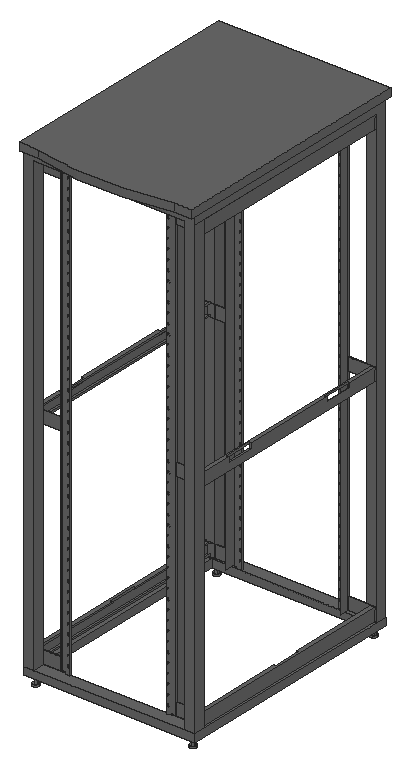
Revit family "V82A-48U-Without Doors-04.04.14", category Electrical Equipment, Revit 2013
Parameters (values of type "V82A-48U")
  Weight = 0.00 lbf
  Visibility Door Right [instance] = and(Side Panel Right, not(Hide Doors))  # no
  Visibility Door Left [instance] = and(Side Panel Left, not(Hide Doors))  # no
  Visibility Door Front [instance] = and(Door Front, not(Hide Doors))  # no
  Visibility Door Back [instance] = and(Door Back, not(Hide Doors))  # no
  Version = ""
  Usable Depth = 1006.00 mm
  U/M = "EA"
  U Space = "48"
  System = "VPOD"
  Side Panel Right = no
  Side Panel Left = no
  Serial Number = ""
  Segment = "CSS"
  Ports = 0
  Mounting rail 45 U = SIEMON STEEL
  Mounting Rail Material = SIEMON STEEL
  Model = "V82A"
  Metal = SIEMON STEEL
  Manufacturer = "SIEMON"
  Lock = ""
  Loaded/Empty = "N/A"
  Item Group = "RACKS"
  Item Class = "1F"
  Hide Doors [instance] = no
  Door Front = no
  Door Construction Side = if(and(Side Panel Right, Side Panel Left), 2, if(and(not(Side Panel Right), not(Side Panel Left)), 0, 1))  # 0
  Door Construction Front = ""
  Door Construction Back = ""
  Door Back = no
  Description = "WARNING: PLEASE RELOAD FAMILY USING THE TYPE CATALOG"
  Color = "BLACK"
  Cabinet Width Overall = 800.00 mm
  Cabinet Height = 2280.00 mm
  Cabinet Depth = 1200.00 mm
Reference planes
  plane 1 "Center (Front/Back)": y = 0
  plane 2: z = 0
  plane 3 "Center (Left/Right)": x = 0
  plane 4: z = 2011.4
  plane 5: z = 1966.95
  plane 6: z = 1922.5
  plane 7: z = 1878.05
  plane 8: z = 1833.6
  plane 9: z = 1789.15
  plane 10: z = 1744.7
  plane 11: z = 1700.25
  plane 12: z = 1655.8
  plane 13: z = 1611.35
  plane 14: z = 1566.9
  plane 15: z = 1522.45
  plane 16: z = 1478
  plane 17: z = 1433.55
  plane 18: z = 1389.1
  plane 19: z = 1344.65
  plane 20: z = 1300.2
  plane 21: z = 1255.75
  plane 22: z = 1211.3
  plane 23: z = 1166.85
  plane 24: z = 1122.4
  plane 25: z = 1077.95
  plane 26: z = 1033.5
  plane 27: z = 989.05
  plane 28: z = 944.6
  plane 29: z = 900.15
  plane 30: z = 855.7
  plane 31: z = 811.25
  plane 32: z = 766.8
  plane 33: z = 722.35
  plane 34: z = 677.9
  plane 35: z = 633.45
  plane 36: z = 589
  plane 37: z = 544.55
  plane 38: z = 500.1
  plane 39: z = 455.65
  plane 40: z = 411.2
  plane 41: z = 366.75
  plane 42: z = 322.3
  plane 43: z = 277.85
  plane 44: z = 233.4
  plane 45: z = 188.95
  plane 46: z = 144.5
  plane 47: z = 100.05
  plane 48: z = 2055.85
Forms (mm)
  Extrusion 1, solid, material "SIEMON STEEL" <- "Mounting rail 45 U"
    sketch origin (-0.234, -15, 140) x (1, 0, 0) y (0, 1, 0)
      loop
        line (501.3, 1185.014) -> (-298.7, 1185.014) -> (-298.7, 75) -> (501.3, 75) -> (501.3, 1185.014)
    from 2067.5 to 2098.45
  Extrusion 2, solid, material "SIEMON STEEL" <- "Mounting rail 45 U"
    sketch origin (-0.106, -90, 97.5) x (1, 0, 0) y (0, 1, 0)
      loop
        line (454.922, 202.733) -> (454.922, 150) -> (500.922, 150) -> (500.922, 202.733) -> (454.922, 202.733)
      loop
        line (-298.75, 202.733) -> (-298.75, 150) -> (-252.75, 150) -> (-252.75, 202.733) -> (-298.75, 202.733)
      loop
        line (501.172, 1207.872) -> (501.172, 1260) -> (455.163, 1260) -> (455.163, 1207.872) -> (501.172, 1207.872)
      loop
        line (-298.75, 1207.872) -> (-252.75, 1207.872) -> (-252.75, 1260) -> (-298.75, 1260) -> (-298.75, 1207.872)
    from -22.2 to 2110
  Extrusion 3, solid, material "SIEMON STEEL" <- "Mounting Rail Material"
    sketch origin (0.02, 0, 10) x (1, 0, 0) y (0, 1, 0)
      loop
        line (-298.72, 1170.014) -> (-298.72, 60) -> (501.366, 60) -> (501.366, 1170.014) -> (-298.72, 1170.014)
      loop
        line (-265, 1113.302) -> (-265, 116.7) -> (465, 116.7) -> (465, 1113.302) -> (-265, 1113.302)
    from 29.931 to 65.3
  Extrusion 4, solid, material "Cold rolled steel (CRS)"
    sketch origin (179.665, 750.451, 0) x (1, 0, 0) y (0, 1, 0)
      loop
        circle (289.695, 392.503) r 15
    from 0 to 5.027
  Extrusion 5, solid
    sketch origin (319.561, 202.5, 0) x (1, 0, 0) y (0, 1, 0)
      loop
        circle (149.594, 940.281) r 6
    from 5.027 to 39.931
  Extrusion 6, solid, material "Cold rolled steel (CRS)"
    sketch origin (25.296, 750.451, 0) x (-1, 0, 0) y (0, -1, 0)
      loop
        circle (289.695, -392.503) r 15
    from 0 to 5.027
  Extrusion 7, solid
    sketch origin (-115, 202.5, 0) x (-1, 0, 0) y (0, -1, 0)
      loop
        circle (149.594, -940.281) r 6
    from 5.027 to 39.931
  Extrusion 8, solid, material "Cold rolled steel (CRS)"
    sketch origin (25.296, 480.196, 0) x (-1, 0, 0) y (0, -1, 0)
      loop
        circle (289.695, 392.503) r 15
    from 0 to 5.027
  Extrusion 9, solid
    sketch origin (-115, 1028.147, 0) x (-1, 0, 0) y (0, -1, 0)
      loop
        circle (149.594, 940.281) r 6
    from 5.027 to 39.931
  Extrusion 10, solid, material "Cold rolled steel (CRS)"
    sketch origin (759.054, 480.196, 0) x (-1, 0, 0) y (0, -1, 0)
      loop
        circle (289.695, 392.503) r 15
    from 0 to 5.027
  Extrusion 11, solid
    sketch origin (618.75, 1028.147, 0) x (-1, 0, 0) y (0, -1, 0)
      loop
        circle (149.594, 940.281) r 6
    from 5.027 to 39.931
  Extrusion 12, solid, material "SIEMON STEEL"
    sketch origin (0, -0.108, 140.014) x (1, 0, 0) y (0, 1, 0)
      loop
        line (-298.7, 37.656) -> (-214.7, 37.656)
        arc (-214.7, 37.656) -> (101.3, 0.156) -> (417.3, 37.656) r 1350.163
        line (417.3, 37.656) -> (501.3, 37.656) -> (501.3, 1200.156) -> (-298.7, 1200.156) -> (-298.7, 37.656)
    from 2102.5 to 2140
Cuts and joins
  joined: Extrusion 1, Extrusion 2
Lines and regions (mm)
  symbolic lines, detail levels fine
    curve 1: line (256.65, 1060, 61.35) -> (256.65, 1060, 65.3)
  model lines, detail levels coarse+fine
    curve 2: line (330.642, 819.199, 2282.241) -> (-126.77, 819.199, 2282.241)
    curve 3: line (334.645, 815.196, 2282.241) -> (330.642, 819.199, 2282.241)
    curve 4: circle (-51.247, 805.781, 2282.241) r 6.221 normal (0, 0, 1)
    curve 5: circle (259.431, 805.781, 2282.241) r 6.221 normal (0, 0, 1)
    curve 6: line (330.642, 653.922, 2282.241) -> (-126.77, 653.922, 2282.241)
    curve 7: line (-126.77, 653.922, 2282.241) -> (-130.773, 657.924, 2282.241)
    curve 8: line (-130.773, 657.924, 2282.241) -> (-130.773, 815.196, 2282.241)
    curve 9: line (334.645, 815.196, 2282.241) -> (334.645, 657.924, 2282.241)
    curve 10: line (334.645, 657.924, 2282.241) -> (330.642, 653.922, 2282.241)
    curve 11: circle (-51.247, 667.34, 2282.241) r 6.221 normal (0, 0, -1)
    curve 12: circle (259.431, 667.34, 2282.241) r 6.221 normal (0, 0, -1)
    curve 13: line (-130.773, 815.196, 2282.241) -> (-126.77, 819.199, 2282.241)
    curve 14: line (-187.208, 673.705, 2282.241) -> (-187.208, 1053.705, 2282.241)
    curve 15: line (-255.639, 1053.705, 2282.241) -> (-255.639, 673.705, 2282.241)
    curve 16: line (-252.639, 1053.705, 2282.241) -> (-252.639, 673.705, 2282.241)
    curve 17: line (-190.208, 673.705, 2282.241) -> (-190.208, 1053.705, 2282.241)
    curve 18: line (330.642, 628.887, 2282.241) -> (-126.77, 628.887, 2282.241)
    curve 19: line (334.645, 624.884, 2282.241) -> (330.642, 628.887, 2282.241)
    curve 20: circle (-51.247, 615.469, 2282.241) r 6.221 normal (0, 0, 1)
    curve 21: circle (259.431, 615.469, 2282.241) r 6.221 normal (0, 0, 1)
    curve 22: line (330.642, 463.609, 2282.241) -> (-126.77, 463.609, 2282.241)
    curve 23: line (-126.77, 463.609, 2282.241) -> (-130.773, 467.612, 2282.241)
    curve 24: line (-130.773, 467.612, 2282.241) -> (-130.773, 624.884, 2282.241)
    curve 25: line (334.645, 624.884, 2282.241) -> (334.645, 467.612, 2282.241)
    curve 26: line (334.645, 467.612, 2282.241) -> (330.642, 463.609, 2282.241)
    curve 27: circle (-51.247, 477.027, 2282.241) r 6.221 normal (0, 0, -1)
    curve 28: circle (259.431, 477.027, 2282.241) r 6.221 normal (0, 0, -1)
    curve 29: line (-130.773, 624.884, 2282.241) -> (-126.77, 628.887, 2282.241)
    curve 30: line (330.642, 281.699, 2282.241) -> (-126.77, 281.699, 2282.241)
    curve 31: line (334.645, 277.696, 2282.241) -> (330.642, 281.699, 2282.241)
    curve 32: circle (-51.247, 268.281, 2282.241) r 6.221 normal (0, 0, 1)
    curve 33: circle (259.431, 268.281, 2282.241) r 6.221 normal (0, 0, 1)
    curve 34: line (330.642, 116.422, 2282.241) -> (-126.77, 116.422, 2282.241)
    curve 35: line (-126.77, 116.422, 2282.241) -> (-130.773, 120.424, 2282.241)
    curve 36: line (-130.773, 120.424, 2282.241) -> (-130.773, 277.696, 2282.241)
    curve 37: line (334.645, 277.696, 2282.241) -> (334.645, 120.424, 2282.241)
    curve 38: line (334.645, 120.424, 2282.241) -> (330.642, 116.422, 2282.241)
    curve 39: circle (-51.247, 129.84, 2282.241) r 6.221 normal (0, 0, -1)
    curve 40: circle (259.431, 129.84, 2282.241) r 6.221 normal (0, 0, -1)
    curve 41: line (-130.773, 277.696, 2282.241) -> (-126.77, 281.699, 2282.241)
    curve 46: circle (-221.83, 1093.281, 2282.241) r 6.221 normal (0, 0, -1)
    curve 347: line (330.642, 1076.851, 2282.241) -> (-126.77, 1076.851, 2282.241)
    curve 348: line (334.645, 1072.849, 2282.241) -> (330.642, 1076.851, 2282.241)
    curve 349: circle (-51.247, 1063.433, 2282.241) r 6.221 normal (0, 0, 1)
    curve 350: circle (259.431, 1063.433, 2282.241) r 6.221 normal (0, 0, 1)
    curve 351: line (330.642, 911.574, 2282.241) -> (-126.77, 911.574, 2282.241)
    curve 352: line (-126.77, 911.574, 2282.241) -> (-130.773, 915.577, 2282.241)
    curve 353: line (-130.773, 915.577, 2282.241) -> (-130.773, 1072.849, 2282.241)
    curve 354: line (334.645, 1072.849, 2282.241) -> (334.645, 915.577, 2282.241)
    curve 355: line (334.645, 915.577, 2282.241) -> (330.642, 911.574, 2282.241)
    curve 356: circle (-51.247, 924.992, 2282.241) r 6.221 normal (0, 0, -1)
    curve 357: circle (259.431, 924.992, 2282.241) r 6.221 normal (0, 0, -1)
    curve 358: line (-130.773, 1072.849, 2282.241) -> (-126.77, 1076.851, 2282.241)
    curve 367: circle (-221.83, 174.316, 2282.241) r 6.221 normal (0, 0, 1)
    curve 440: line (389.808, 673.705, 2282.241) -> (389.808, 1053.705, 2282.241)
    curve 441: line (458.24, 1053.705, 2282.241) -> (458.24, 673.705, 2282.241)
    curve 442: line (455.24, 1053.705, 2282.241) -> (455.24, 673.705, 2282.241)
    curve 443: line (392.808, 673.705, 2282.241) -> (392.808, 1053.705, 2282.241)
    curve 448: circle (424.431, 1093.281, 2282.241) r 6.221 normal (0, 0, 1)
    curve 749: circle (424.431, 174.316, 2282.241) r 6.221 normal (0, 0, -1)
    curve 822: line (-187.208, 215.376, 2282.241) -> (-187.208, 595.376, 2282.241)
    curve 823: line (-255.639, 595.376, 2282.241) -> (-255.639, 215.376, 2282.241)
    curve 824: line (-252.639, 595.376, 2282.241) -> (-252.639, 215.376, 2282.241)
    curve 825: line (-190.208, 215.376, 2282.241) -> (-190.208, 595.376, 2282.241)
    curve 830: circle (-221.83, 634.952, 2282.241) r 6.221 normal (0, 0, -1)
    curve 831: line (389.808, 215.376, 2282.241) -> (389.808, 595.376, 2282.241)
    curve 832: line (458.24, 595.376, 2282.241) -> (458.24, 215.376, 2282.241)
    curve 833: line (455.24, 595.376, 2282.241) -> (455.24, 215.376, 2282.241)
    curve 834: line (392.808, 215.376, 2282.241) -> (392.808, 595.376, 2282.241)
    curve 839: circle (424.431, 634.952, 2282.241) r 6.221 normal (0, 0, 1)
  model lines
    curve 42: arc (-255.639, 1053.705, 2282.241) -> (-221.424, 1080.132, 2282.241) -> (-187.208, 1053.705, 2282.241) r 35.364
    curve 43: arc (-252.639, 1053.705, 2282.241) -> (-221.424, 1077.116, 2282.241) -> (-190.208, 1053.705, 2282.241) r 32.517
    curve 44: arc (-255.639, 673.705, 2282.241) -> (-221.424, 647.278, 2282.241) -> (-187.208, 673.705, 2282.241) r 35.364
    curve 45: arc (-252.639, 673.705, 2282.241) -> (-221.424, 650.294, 2282.241) -> (-190.208, 673.705, 2282.241) r 32.517
    curve 47: line (-268.889, 936.074, 2282.241) -> (-268.889, 939.074, 2282.241)
    curve 48: line (-268.889, 939.074, 2282.241) -> (-272.889, 939.074, 2282.241)
    curve 49: line (-272.889, 939.074, 2282.241) -> (-272.889, 941.074, 2282.241)
    curve 50: line (-272.889, 941.074, 2282.241) -> (-278.889, 941.074, 2282.241)
    curve 51: line (-282.889, 936.074, 2282.241) -> (-282.889, 939.074, 2282.241)
    curve 52: line (-282.889, 939.074, 2282.241) -> (-278.889, 939.074, 2282.241)
    curve 53: line (-278.889, 939.074, 2282.241) -> (-278.889, 941.074, 2282.241)
    curve 54: line (-268.889, 936.074, 2282.241) -> (-272.889, 936.074, 2282.241)
    curve 55: line (-272.889, 936.074, 2282.241) -> (-272.889, 934.074, 2282.241)
    curve 56: line (-272.889, 934.074, 2282.241) -> (-278.889, 934.074, 2282.241)
    curve 57: line (-282.889, 936.074, 2282.241) -> (-278.889, 936.074, 2282.241)
    curve 58: line (-278.889, 936.074, 2282.241) -> (-278.889, 934.074, 2282.241)
    curve 59: line (-268.889, 905.074, 2282.241) -> (-268.889, 902.074, 2282.241)
    curve 60: line (-268.889, 902.074, 2282.241) -> (-272.889, 902.074, 2282.241)
    curve 61: line (-272.889, 902.074, 2282.241) -> (-272.889, 900.074, 2282.241)
    curve 62: line (-272.889, 900.074, 2282.241) -> (-278.889, 900.074, 2282.241)
    curve 63: line (-282.889, 905.074, 2282.241) -> (-282.889, 902.074, 2282.241)
    curve 64: line (-282.889, 902.074, 2282.241) -> (-278.889, 902.074, 2282.241)
    curve 65: line (-278.889, 902.074, 2282.241) -> (-278.889, 900.074, 2282.241)
    curve 66: line (-268.889, 905.074, 2282.241) -> (-272.889, 905.074, 2282.241)
    curve 67: line (-272.889, 905.074, 2282.241) -> (-272.889, 907.074, 2282.241)
    curve 68: line (-272.889, 907.074, 2282.241) -> (-278.889, 907.074, 2282.241)
    curve 69: line (-282.889, 905.074, 2282.241) -> (-278.889, 905.074, 2282.241)
    curve 70: line (-278.889, 905.074, 2282.241) -> (-278.889, 907.074, 2282.241)
    curve 71: line (-268.889, 868.074, 2282.241) -> (-268.889, 871.074, 2282.241)
    curve 72: line (-268.889, 871.074, 2282.241) -> (-272.889, 871.074, 2282.241)
    curve 73: line (-272.889, 871.074, 2282.241) -> (-272.889, 873.074, 2282.241)
    curve 74: line (-272.889, 873.074, 2282.241) -> (-278.889, 873.074, 2282.241)
    curve 75: line (-282.889, 868.074, 2282.241) -> (-282.889, 871.074, 2282.241)
    curve 76: line (-282.889, 871.074, 2282.241) -> (-278.889, 871.074, 2282.241)
    curve 77: line (-278.889, 871.074, 2282.241) -> (-278.889, 873.074, 2282.241)
    curve 78: line (-268.889, 868.074, 2282.241) -> (-272.889, 868.074, 2282.241)
    curve 79: line (-272.889, 868.074, 2282.241) -> (-272.889, 866.074, 2282.241)
    curve 80: line (-272.889, 866.074, 2282.241) -> (-278.889, 866.074, 2282.241)
    curve 81: line (-282.889, 868.074, 2282.241) -> (-278.889, 868.074, 2282.241)
    curve 82: line (-278.889, 868.074, 2282.241) -> (-278.889, 866.074, 2282.241)
    curve 83: line (-268.889, 800.074, 2282.241) -> (-268.889, 803.074, 2282.241)
    curve 84: line (-268.889, 803.074, 2282.241) -> (-272.889, 803.074, 2282.241)
    curve 85: line (-272.889, 803.074, 2282.241) -> (-272.889, 805.074, 2282.241)
    curve 86: line (-272.889, 805.074, 2282.241) -> (-278.889, 805.074, 2282.241)
    curve 87: line (-282.889, 800.074, 2282.241) -> (-282.889, 803.074, 2282.241)
    curve 88: line (-282.889, 803.074, 2282.241) -> (-278.889, 803.074, 2282.241)
    curve 89: line (-278.889, 803.074, 2282.241) -> (-278.889, 805.074, 2282.241)
    curve 90: line (-268.889, 800.074, 2282.241) -> (-272.889, 800.074, 2282.241)
    curve 91: line (-272.889, 800.074, 2282.241) -> (-272.889, 798.074, 2282.241)
    curve 92: line (-272.889, 798.074, 2282.241) -> (-278.889, 798.074, 2282.241)
    curve 93: line (-282.889, 800.074, 2282.241) -> (-278.889, 800.074, 2282.241)
    curve 94: line (-278.889, 800.074, 2282.241) -> (-278.889, 798.074, 2282.241)
    curve 95: line (-268.889, 837.074, 2282.241) -> (-268.889, 834.074, 2282.241)
    curve 96: line (-268.889, 834.074, 2282.241) -> (-272.889, 834.074, 2282.241)
    curve 97: line (-272.889, 834.074, 2282.241) -> (-272.889, 832.074, 2282.241)
    curve 98: line (-272.889, 832.074, 2282.241) -> (-278.889, 832.074, 2282.241)
    curve 99: line (-282.889, 837.074, 2282.241) -> (-282.889, 834.074, 2282.241)
    curve 100: line (-282.889, 834.074, 2282.241) -> (-278.889, 834.074, 2282.241)
    curve 101: line (-278.889, 834.074, 2282.241) -> (-278.889, 832.074, 2282.241)
    curve 102: line (-268.889, 837.074, 2282.241) -> (-272.889, 837.074, 2282.241)
    curve 103: line (-272.889, 837.074, 2282.241) -> (-272.889, 839.074, 2282.241)
    curve 104: line (-272.889, 839.074, 2282.241) -> (-278.889, 839.074, 2282.241)
    curve 105: line (-282.889, 837.074, 2282.241) -> (-278.889, 837.074, 2282.241)
    curve 106: line (-278.889, 837.074, 2282.241) -> (-278.889, 839.074, 2282.241)
    curve 107: line (-268.889, 701.074, 2282.241) -> (-268.889, 698.074, 2282.241)
    curve 108: line (-268.889, 698.074, 2282.241) -> (-272.889, 698.074, 2282.241)
    curve 109: line (-272.889, 698.074, 2282.241) -> (-272.889, 696.074, 2282.241)
    curve 110: line (-272.889, 696.074, 2282.241) -> (-278.889, 696.074, 2282.241)
    curve 111: line (-282.889, 701.074, 2282.241) -> (-282.889, 698.074, 2282.241)
    curve 112: line (-282.889, 698.074, 2282.241) -> (-278.889, 698.074, 2282.241)
    curve 113: line (-278.889, 698.074, 2282.241) -> (-278.889, 696.074, 2282.241)
    curve 114: line (-268.889, 701.074, 2282.241) -> (-272.889, 701.074, 2282.241)
    curve 115: line (-272.889, 701.074, 2282.241) -> (-272.889, 703.074, 2282.241)
    curve 116: line (-272.889, 703.074, 2282.241) -> (-278.889, 703.074, 2282.241)
    curve 117: line (-282.889, 701.074, 2282.241) -> (-278.889, 701.074, 2282.241)
    curve 118: line (-278.889, 701.074, 2282.241) -> (-278.889, 703.074, 2282.241)
    curve 119: line (-268.889, 769.074, 2282.241) -> (-268.889, 766.074, 2282.241)
    curve 120: line (-268.889, 766.074, 2282.241) -> (-272.889, 766.074, 2282.241)
    curve 121: line (-272.889, 766.074, 2282.241) -> (-272.889, 764.074, 2282.241)
    curve 122: line (-272.889, 764.074, 2282.241) -> (-278.889, 764.074, 2282.241)
    curve 123: line (-282.889, 769.074, 2282.241) -> (-282.889, 766.074, 2282.241)
    curve 124: line (-282.889, 766.074, 2282.241) -> (-278.889, 766.074, 2282.241)
    curve 125: line (-278.889, 766.074, 2282.241) -> (-278.889, 764.074, 2282.241)
    curve 126: line (-268.889, 769.074, 2282.241) -> (-272.889, 769.074, 2282.241)
    curve 127: line (-272.889, 769.074, 2282.241) -> (-272.889, 771.074, 2282.241)
    curve 128: line (-272.889, 771.074, 2282.241) -> (-278.889, 771.074, 2282.241)
    curve 129: line (-282.889, 769.074, 2282.241) -> (-278.889, 769.074, 2282.241)
    curve 130: line (-278.889, 769.074, 2282.241) -> (-278.889, 771.074, 2282.241)
    curve 131: line (-268.889, 732.074, 2282.241) -> (-268.889, 735.074, 2282.241)
    curve 132: line (-268.889, 735.074, 2282.241) -> (-272.889, 735.074, 2282.241)
    curve 133: line (-272.889, 735.074, 2282.241) -> (-272.889, 737.074, 2282.241)
    curve 134: line (-272.889, 737.074, 2282.241) -> (-278.889, 737.074, 2282.241)
    curve 135: line (-282.889, 732.074, 2282.241) -> (-282.889, 735.074, 2282.241)
    curve 136: line (-282.889, 735.074, 2282.241) -> (-278.889, 735.074, 2282.241)
    curve 137: line (-278.889, 735.074, 2282.241) -> (-278.889, 737.074, 2282.241)
    curve 138: line (-268.889, 732.074, 2282.241) -> (-272.889, 732.074, 2282.241)
    curve 139: line (-272.889, 732.074, 2282.241) -> (-272.889, 730.074, 2282.241)
    curve 140: line (-272.889, 730.074, 2282.241) -> (-278.889, 730.074, 2282.241)
    curve 141: line (-282.889, 732.074, 2282.241) -> (-278.889, 732.074, 2282.241)
    curve 142: line (-278.889, 732.074, 2282.241) -> (-278.889, 730.074, 2282.241)
    curve 143: line (-268.889, 460.074, 2282.241) -> (-268.889, 463.074, 2282.241)
    curve 144: line (-268.889, 463.074, 2282.241) -> (-272.889, 463.074, 2282.241)
    curve 145: line (-272.889, 463.074, 2282.241) -> (-272.889, 465.074, 2282.241)
    curve 146: line (-272.889, 465.074, 2282.241) -> (-278.889, 465.074, 2282.241)
    curve 147: line (-282.889, 460.074, 2282.241) -> (-282.889, 463.074, 2282.241)
    curve 148: line (-282.889, 463.074, 2282.241) -> (-278.889, 463.074, 2282.241)
    curve 149: line (-278.889, 463.074, 2282.241) -> (-278.889, 465.074, 2282.241)
    curve 150: line (-268.889, 460.074, 2282.241) -> (-272.889, 460.074, 2282.241)
    curve 151: line (-272.889, 460.074, 2282.241) -> (-272.889, 458.074, 2282.241)
    curve 152: line (-272.889, 458.074, 2282.241) -> (-278.889, 458.074, 2282.241)
    curve 153: line (-282.889, 460.074, 2282.241) -> (-278.889, 460.074, 2282.241)
    curve 154: line (-278.889, 460.074, 2282.241) -> (-278.889, 458.074, 2282.241)
    curve 155: line (-268.889, 497.074, 2282.241) -> (-268.889, 494.074, 2282.241)
    curve 156: line (-268.889, 494.074, 2282.241) -> (-272.889, 494.074, 2282.241)
    curve 157: line (-272.889, 494.074, 2282.241) -> (-272.889, 492.074, 2282.241)
    curve 158: line (-272.889, 492.074, 2282.241) -> (-278.889, 492.074, 2282.241)
    curve 159: line (-282.889, 497.074, 2282.241) -> (-282.889, 494.074, 2282.241)
    curve 160: line (-282.889, 494.074, 2282.241) -> (-278.889, 494.074, 2282.241)
    curve 161: line (-278.889, 494.074, 2282.241) -> (-278.889, 492.074, 2282.241)
    curve 162: line (-268.889, 497.074, 2282.241) -> (-272.889, 497.074, 2282.241)
    curve 163: line (-272.889, 497.074, 2282.241) -> (-272.889, 499.074, 2282.241)
    curve 164: line (-272.889, 499.074, 2282.241) -> (-278.889, 499.074, 2282.241)
    curve 165: line (-282.889, 497.074, 2282.241) -> (-278.889, 497.074, 2282.241)
    curve 166: line (-278.889, 497.074, 2282.241) -> (-278.889, 499.074, 2282.241)
    curve 167: line (-268.889, 565.074, 2282.241) -> (-268.889, 562.074, 2282.241)
    curve 168: line (-268.889, 562.074, 2282.241) -> (-272.889, 562.074, 2282.241)
    curve 169: line (-272.889, 562.074, 2282.241) -> (-272.889, 560.074, 2282.241)
    curve 170: line (-272.889, 560.074, 2282.241) -> (-278.889, 560.074, 2282.241)
    curve 171: line (-282.889, 565.074, 2282.241) -> (-282.889, 562.074, 2282.241)
    curve 172: line (-282.889, 562.074, 2282.241) -> (-278.889, 562.074, 2282.241)
    curve 173: line (-278.889, 562.074, 2282.241) -> (-278.889, 560.074, 2282.241)
    curve 174: line (-268.889, 565.074, 2282.241) -> (-272.889, 565.074, 2282.241)
    curve 175: line (-272.889, 565.074, 2282.241) -> (-272.889, 567.074, 2282.241)
    curve 176: line (-272.889, 567.074, 2282.241) -> (-278.889, 567.074, 2282.241)
    curve 177: line (-282.889, 565.074, 2282.241) -> (-278.889, 565.074, 2282.241)
    curve 178: line (-278.889, 565.074, 2282.241) -> (-278.889, 567.074, 2282.241)
    curve 179: line (-268.889, 528.074, 2282.241) -> (-268.889, 531.074, 2282.241)
    curve 180: line (-268.889, 531.074, 2282.241) -> (-272.889, 531.074, 2282.241)
    curve 181: line (-272.889, 531.074, 2282.241) -> (-272.889, 533.074, 2282.241)
    curve 182: line (-272.889, 533.074, 2282.241) -> (-278.889, 533.074, 2282.241)
    curve 183: line (-282.889, 528.074, 2282.241) -> (-282.889, 531.074, 2282.241)
    curve 184: line (-282.889, 531.074, 2282.241) -> (-278.889, 531.074, 2282.241)
    curve 185: line (-278.889, 531.074, 2282.241) -> (-278.889, 533.074, 2282.241)
    curve 186: line (-268.889, 528.074, 2282.241) -> (-272.889, 528.074, 2282.241)
    curve 187: line (-272.889, 528.074, 2282.241) -> (-272.889, 526.074, 2282.241)
    curve 188: line (-272.889, 526.074, 2282.241) -> (-278.889, 526.074, 2282.241)
    curve 189: line (-282.889, 528.074, 2282.241) -> (-278.889, 528.074, 2282.241)
    curve 190: line (-278.889, 528.074, 2282.241) -> (-278.889, 526.074, 2282.241)
    curve 191: line (-268.889, 664.074, 2282.241) -> (-268.889, 667.074, 2282.241)
    curve 192: line (-268.889, 667.074, 2282.241) -> (-272.889, 667.074, 2282.241)
    curve 193: line (-272.889, 667.074, 2282.241) -> (-272.889, 669.074, 2282.241)
    curve 194: line (-272.889, 669.074, 2282.241) -> (-278.889, 669.074, 2282.241)
    curve 195: line (-282.889, 664.074, 2282.241) -> (-282.889, 667.074, 2282.241)
    curve 196: line (-282.889, 667.074, 2282.241) -> (-278.889, 667.074, 2282.241)
    curve 197: line (-278.889, 667.074, 2282.241) -> (-278.889, 669.074, 2282.241)
    curve 198: line (-268.889, 664.074, 2282.241) -> (-272.889, 664.074, 2282.241)
    curve 199: line (-272.889, 664.074, 2282.241) -> (-272.889, 662.074, 2282.241)
    curve 200: line (-272.889, 662.074, 2282.241) -> (-278.889, 662.074, 2282.241)
    curve 201: line (-282.889, 664.074, 2282.241) -> (-278.889, 664.074, 2282.241)
    curve 202: line (-278.889, 664.074, 2282.241) -> (-278.889, 662.074, 2282.241)
    curve 203: line (-268.889, 596.074, 2282.241) -> (-268.889, 599.074, 2282.241)
    curve 204: line (-268.889, 599.074, 2282.241) -> (-272.889, 599.074, 2282.241)
    curve 205: line (-272.889, 599.074, 2282.241) -> (-272.889, 601.074, 2282.241)
    curve 206: line (-272.889, 601.074, 2282.241) -> (-278.889, 601.074, 2282.241)
    curve 207: line (-282.889, 596.074, 2282.241) -> (-282.889, 599.074, 2282.241)
    curve 208: line (-282.889, 599.074, 2282.241) -> (-278.889, 599.074, 2282.241)
    curve 209: line (-278.889, 599.074, 2282.241) -> (-278.889, 601.074, 2282.241)
    curve 210: line (-268.889, 596.074, 2282.241) -> (-272.889, 596.074, 2282.241)
    curve 211: line (-272.889, 596.074, 2282.241) -> (-272.889, 594.074, 2282.241)
    curve 212: line (-272.889, 594.074, 2282.241) -> (-278.889, 594.074, 2282.241)
    curve 213: line (-282.889, 596.074, 2282.241) -> (-278.889, 596.074, 2282.241)
    curve 214: line (-278.889, 596.074, 2282.241) -> (-278.889, 594.074, 2282.241)
    curve 215: line (-268.889, 633.074, 2282.241) -> (-268.889, 630.074, 2282.241)
    curve 216: line (-268.889, 630.074, 2282.241) -> (-272.889, 630.074, 2282.241)
    curve 217: line (-272.889, 630.074, 2282.241) -> (-272.889, 628.074, 2282.241)
    curve 218: line (-272.889, 628.074, 2282.241) -> (-278.889, 628.074, 2282.241)
    curve 219: line (-282.889, 633.074, 2282.241) -> (-282.889, 630.074, 2282.241)
    curve 220: line (-282.889, 630.074, 2282.241) -> (-278.889, 630.074, 2282.241)
    curve 221: line (-278.889, 630.074, 2282.241) -> (-278.889, 628.074, 2282.241)
    curve 222: line (-268.889, 633.074, 2282.241) -> (-272.889, 633.074, 2282.241)
    curve 223: line (-272.889, 633.074, 2282.241) -> (-272.889, 635.074, 2282.241)
    curve 224: line (-272.889, 635.074, 2282.241) -> (-278.889, 635.074, 2282.241)
    curve 225: line (-282.889, 633.074, 2282.241) -> (-278.889, 633.074, 2282.241)
    curve 226: line (-278.889, 633.074, 2282.241) -> (-278.889, 635.074, 2282.241)
    curve 227: line (-268.889, 188.074, 2282.241) -> (-268.889, 191.074, 2282.241)
    curve 228: line (-268.889, 191.074, 2282.241) -> (-272.889, 191.074, 2282.241)
    curve 229: line (-272.889, 191.074, 2282.241) -> (-272.889, 193.074, 2282.241)
    curve 230: line (-272.889, 193.074, 2282.241) -> (-278.889, 193.074, 2282.241)
    curve 231: line (-282.889, 188.074, 2282.241) -> (-282.889, 191.074, 2282.241)
    curve 232: line (-282.889, 191.074, 2282.241) -> (-278.889, 191.074, 2282.241)
    curve 233: line (-278.889, 191.074, 2282.241) -> (-278.889, 193.074, 2282.241)
    curve 234: line (-268.889, 188.074, 2282.241) -> (-272.889, 188.074, 2282.241)
    curve 235: line (-272.889, 188.074, 2282.241) -> (-272.889, 186.074, 2282.241)
    curve 236: line (-272.889, 186.074, 2282.241) -> (-278.889, 186.074, 2282.241)
    curve 237: line (-282.889, 188.074, 2282.241) -> (-278.889, 188.074, 2282.241)
    curve 238: line (-278.889, 188.074, 2282.241) -> (-278.889, 186.074, 2282.241)
    curve 239: line (-268.889, 120.074, 2282.241) -> (-268.889, 123.074, 2282.241)
    curve 240: line (-268.889, 123.074, 2282.241) -> (-272.889, 123.074, 2282.241)
    curve 241: line (-272.889, 123.074, 2282.241) -> (-272.889, 125.074, 2282.241)
    curve 242: line (-272.889, 125.074, 2282.241) -> (-278.889, 125.074, 2282.241)
    curve 243: line (-282.889, 120.074, 2282.241) -> (-282.889, 123.074, 2282.241)
    curve 244: line (-282.889, 123.074, 2282.241) -> (-278.889, 123.074, 2282.241)
    curve 245: line (-278.889, 123.074, 2282.241) -> (-278.889, 125.074, 2282.241)
    curve 246: line (-268.889, 120.074, 2282.241) -> (-272.889, 120.074, 2282.241)
    curve 247: line (-272.889, 120.074, 2282.241) -> (-272.889, 118.074, 2282.241)
    curve 248: line (-272.889, 118.074, 2282.241) -> (-278.889, 118.074, 2282.241)
    curve 249: line (-282.889, 120.074, 2282.241) -> (-278.889, 120.074, 2282.241)
    curve 250: line (-278.889, 120.074, 2282.241) -> (-278.889, 118.074, 2282.241)
    curve 251: line (-268.889, 157.074, 2282.241) -> (-268.889, 154.074, 2282.241)
    curve 252: line (-268.889, 154.074, 2282.241) -> (-272.889, 154.074, 2282.241)
    curve 253: line (-272.889, 154.074, 2282.241) -> (-272.889, 152.074, 2282.241)
    curve 254: line (-272.889, 152.074, 2282.241) -> (-278.889, 152.074, 2282.241)
    curve 255: line (-282.889, 157.074, 2282.241) -> (-282.889, 154.074, 2282.241)
    curve 256: line (-282.889, 154.074, 2282.241) -> (-278.889, 154.074, 2282.241)
    curve 257: line (-278.889, 154.074, 2282.241) -> (-278.889, 152.074, 2282.241)
    curve 258: line (-268.889, 157.074, 2282.241) -> (-272.889, 157.074, 2282.241)
    curve 259: line (-272.889, 157.074, 2282.241) -> (-272.889, 159.074, 2282.241)
    curve 260: line (-272.889, 159.074, 2282.241) -> (-278.889, 159.074, 2282.241)
    curve 261: line (-282.889, 157.074, 2282.241) -> (-278.889, 157.074, 2282.241)
    curve 262: line (-278.889, 157.074, 2282.241) -> (-278.889, 159.074, 2282.241)
    curve 263: line (-268.889, 429.074, 2282.241) -> (-268.889, 426.074, 2282.241)
    curve 264: line (-268.889, 426.074, 2282.241) -> (-272.889, 426.074, 2282.241)
    curve 265: line (-272.889, 426.074, 2282.241) -> (-272.889, 424.074, 2282.241)
    curve 266: line (-272.889, 424.074, 2282.241) -> (-278.889, 424.074, 2282.241)
    curve 267: line (-282.889, 429.074, 2282.241) -> (-282.889, 426.074, 2282.241)
    curve 268: line (-282.889, 426.074, 2282.241) -> (-278.889, 426.074, 2282.241)
    curve 269: line (-278.889, 426.074, 2282.241) -> (-278.889, 424.074, 2282.241)
    curve 270: line (-268.889, 429.074, 2282.241) -> (-272.889, 429.074, 2282.241)
    curve 271: line (-272.889, 429.074, 2282.241) -> (-272.889, 431.074, 2282.241)
    curve 272: line (-272.889, 431.074, 2282.241) -> (-278.889, 431.074, 2282.241)
    curve 273: line (-282.889, 429.074, 2282.241) -> (-278.889, 429.074, 2282.241)
    curve 274: line (-278.889, 429.074, 2282.241) -> (-278.889, 431.074, 2282.241)
    curve 275: line (-268.889, 392.074, 2282.241) -> (-268.889, 395.074, 2282.241)
    curve 276: line (-268.889, 395.074, 2282.241) -> (-272.889, 395.074, 2282.241)
    curve 277: line (-272.889, 395.074, 2282.241) -> (-272.889, 397.074, 2282.241)
    curve 278: line (-272.889, 397.074, 2282.241) -> (-278.889, 397.074, 2282.241)
    curve 279: line (-282.889, 392.074, 2282.241) -> (-282.889, 395.074, 2282.241)
    curve 280: line (-282.889, 395.074, 2282.241) -> (-278.889, 395.074, 2282.241)
    curve 281: line (-278.889, 395.074, 2282.241) -> (-278.889, 397.074, 2282.241)
    curve 282: line (-268.889, 392.074, 2282.241) -> (-272.889, 392.074, 2282.241)
    curve 283: line (-272.889, 392.074, 2282.241) -> (-272.889, 390.074, 2282.241)
    curve 284: line (-272.889, 390.074, 2282.241) -> (-278.889, 390.074, 2282.241)
    curve 285: line (-282.889, 392.074, 2282.241) -> (-278.889, 392.074, 2282.241)
    curve 286: line (-278.889, 392.074, 2282.241) -> (-278.889, 390.074, 2282.241)
    curve 287: line (-268.889, 324.074, 2282.241) -> (-268.889, 327.074, 2282.241)
    curve 288: line (-268.889, 327.074, 2282.241) -> (-272.889, 327.074, 2282.241)
    curve 289: line (-272.889, 327.074, 2282.241) -> (-272.889, 329.074, 2282.241)
    curve 290: line (-272.889, 329.074, 2282.241) -> (-278.889, 329.074, 2282.241)
    curve 291: line (-282.889, 324.074, 2282.241) -> (-282.889, 327.074, 2282.241)
    curve 292: line (-282.889, 327.074, 2282.241) -> (-278.889, 327.074, 2282.241)
    curve 293: line (-278.889, 327.074, 2282.241) -> (-278.889, 329.074, 2282.241)
    curve 294: line (-268.889, 324.074, 2282.241) -> (-272.889, 324.074, 2282.241)
    curve 295: line (-272.889, 324.074, 2282.241) -> (-272.889, 322.074, 2282.241)
    curve 296: line (-272.889, 322.074, 2282.241) -> (-278.889, 322.074, 2282.241)
    curve 297: line (-282.889, 324.074, 2282.241) -> (-278.889, 324.074, 2282.241)
    curve 298: line (-278.889, 324.074, 2282.241) -> (-278.889, 322.074, 2282.241)
    curve 299: line (-268.889, 361.074, 2282.241) -> (-268.889, 358.074, 2282.241)
    curve 300: line (-268.889, 358.074, 2282.241) -> (-272.889, 358.074, 2282.241)
    curve 301: line (-272.889, 358.074, 2282.241) -> (-272.889, 356.074, 2282.241)
    curve 302: line (-272.889, 356.074, 2282.241) -> (-278.889, 356.074, 2282.241)
    curve 303: line (-282.889, 361.074, 2282.241) -> (-282.889, 358.074, 2282.241)
    curve 304: line (-282.889, 358.074, 2282.241) -> (-278.889, 358.074, 2282.241)
    curve 305: line (-278.889, 358.074, 2282.241) -> (-278.889, 356.074, 2282.241)
    curve 306: line (-268.889, 361.074, 2282.241) -> (-272.889, 361.074, 2282.241)
    curve 307: line (-272.889, 361.074, 2282.241) -> (-272.889, 363.074, 2282.241)
    curve 308: line (-272.889, 363.074, 2282.241) -> (-278.889, 363.074, 2282.241)
    curve 309: line (-282.889, 361.074, 2282.241) -> (-278.889, 361.074, 2282.241)
    curve 310: line (-278.889, 361.074, 2282.241) -> (-278.889, 363.074, 2282.241)
    curve 311: line (-268.889, 225.074, 2282.241) -> (-268.889, 222.074, 2282.241)
    curve 312: line (-268.889, 222.074, 2282.241) -> (-272.889, 222.074, 2282.241)
    curve 313: line (-272.889, 222.074, 2282.241) -> (-272.889, 220.074, 2282.241)
    curve 314: line (-272.889, 220.074, 2282.241) -> (-278.889, 220.074, 2282.241)
    curve 315: line (-282.889, 225.074, 2282.241) -> (-282.889, 222.074, 2282.241)
    curve 316: line (-282.889, 222.074, 2282.241) -> (-278.889, 222.074, 2282.241)
    curve 317: line (-278.889, 222.074, 2282.241) -> (-278.889, 220.074, 2282.241)
    curve 318: line (-268.889, 225.074, 2282.241) -> (-272.889, 225.074, 2282.241)
    curve 319: line (-272.889, 225.074, 2282.241) -> (-272.889, 227.074, 2282.241)
    curve 320: line (-272.889, 227.074, 2282.241) -> (-278.889, 227.074, 2282.241)
    curve 321: line (-282.889, 225.074, 2282.241) -> (-278.889, 225.074, 2282.241)
    curve 322: line (-278.889, 225.074, 2282.241) -> (-278.889, 227.074, 2282.241)
    curve 323: line (-268.889, 293.074, 2282.241) -> (-268.889, 290.074, 2282.241)
    curve 324: line (-268.889, 290.074, 2282.241) -> (-272.889, 290.074, 2282.241)
    curve 325: line (-272.889, 290.074, 2282.241) -> (-272.889, 288.074, 2282.241)
    curve 326: line (-272.889, 288.074, 2282.241) -> (-278.889, 288.074, 2282.241)
    curve 327: line (-282.889, 293.074, 2282.241) -> (-282.889, 290.074, 2282.241)
    curve 328: line (-282.889, 290.074, 2282.241) -> (-278.889, 290.074, 2282.241)
    curve 329: line (-278.889, 290.074, 2282.241) -> (-278.889, 288.074, 2282.241)
    curve 330: line (-268.889, 293.074, 2282.241) -> (-272.889, 293.074, 2282.241)
    curve 331: line (-272.889, 293.074, 2282.241) -> (-272.889, 295.074, 2282.241)
    curve 332: line (-272.889, 295.074, 2282.241) -> (-278.889, 295.074, 2282.241)
    curve 333: line (-282.889, 293.074, 2282.241) -> (-278.889, 293.074, 2282.241)
    curve 334: line (-278.889, 293.074, 2282.241) -> (-278.889, 295.074, 2282.241)
    curve 335: line (-268.889, 256.074, 2282.241) -> (-268.889, 259.074, 2282.241)
    curve 336: line (-268.889, 259.074, 2282.241) -> (-272.889, 259.074, 2282.241)
    curve 337: line (-272.889, 259.074, 2282.241) -> (-272.889, 261.074, 2282.241)
    curve 338: line (-272.889, 261.074, 2282.241) -> (-278.889, 261.074, 2282.241)
    curve 339: line (-282.889, 256.074, 2282.241) -> (-282.889, 259.074, 2282.241)
    curve 340: line (-282.889, 259.074, 2282.241) -> (-278.889, 259.074, 2282.241)
    curve 341: line (-278.889, 259.074, 2282.241) -> (-278.889, 261.074, 2282.241)
    curve 342: line (-268.889, 256.074, 2282.241) -> (-272.889, 256.074, 2282.241)
    curve 343: line (-272.889, 256.074, 2282.241) -> (-272.889, 254.074, 2282.241)
    curve 344: line (-272.889, 254.074, 2282.241) -> (-278.889, 254.074, 2282.241)
    curve 345: line (-282.889, 256.074, 2282.241) -> (-278.889, 256.074, 2282.241)
    curve 346: line (-278.889, 256.074, 2282.241) -> (-278.889, 254.074, 2282.241)
    curve 359: line (-119.593, 1111.548, 2282.241) -> (323.466, 1111.548, 2282.241)
    curve 360: line (-178.773, 1052.368, 2282.241) -> (-178.773, 488.091, 2282.241)
    curve 361: line (-119.911, 429.23, 2282.241) -> (323.784, 429.23, 2282.241)
    curve 362: line (379.587, 1055.427, 2282.241) -> (379.587, 485.034, 2282.241)
    curve 363: line (-119.593, 1111.548, 2282.241) -> (-178.773, 1052.368, 2282.241)
    curve 364: line (323.466, 1111.548, 2282.241) -> (379.587, 1055.427, 2282.241)
    curve 365: line (-119.911, 429.23, 2282.241) -> (-178.773, 488.091, 2282.241)
    curve 366: line (323.784, 429.23, 2282.241) -> (379.587, 485.034, 2282.241)
    curve 368: line (-268.889, 973.074, 2282.241) -> (-268.889, 970.074, 2282.241)
    curve 369: line (-268.889, 970.074, 2282.241) -> (-272.889, 970.074, 2282.241)
    curve 370: line (-272.889, 970.074, 2282.241) -> (-272.889, 968.074, 2282.241)
    curve 371: line (-272.889, 968.074, 2282.241) -> (-278.889, 968.074, 2282.241)
    curve 372: line (-282.889, 973.074, 2282.241) -> (-282.889, 970.074, 2282.241)
    curve 373: line (-282.889, 970.074, 2282.241) -> (-278.889, 970.074, 2282.241)
    curve 374: line (-278.889, 970.074, 2282.241) -> (-278.889, 968.074, 2282.241)
    curve 375: line (-268.889, 973.074, 2282.241) -> (-272.889, 973.074, 2282.241)
    curve 376: line (-272.889, 973.074, 2282.241) -> (-272.889, 975.074, 2282.241)
    curve 377: line (-272.889, 975.074, 2282.241) -> (-278.889, 975.074, 2282.241)
    curve 378: line (-282.889, 973.074, 2282.241) -> (-278.889, 973.074, 2282.241)
    curve 379: line (-278.889, 973.074, 2282.241) -> (-278.889, 975.074, 2282.241)
    curve 380: line (-268.889, 1004.074, 2282.241) -> (-268.889, 1007.074, 2282.241)
    curve 381: line (-268.889, 1007.074, 2282.241) -> (-272.889, 1007.074, 2282.241)
    curve 382: line (-272.889, 1007.074, 2282.241) -> (-272.889, 1009.074, 2282.241)
    curve 383: line (-272.889, 1009.074, 2282.241) -> (-278.889, 1009.074, 2282.241)
    curve 384: line (-282.889, 1004.074, 2282.241) -> (-282.889, 1007.074, 2282.241)
    curve 385: line (-282.889, 1007.074, 2282.241) -> (-278.889, 1007.074, 2282.241)
    curve 386: line (-278.889, 1007.074, 2282.241) -> (-278.889, 1009.074, 2282.241)
    curve 387: line (-268.889, 1004.074, 2282.241) -> (-272.889, 1004.074, 2282.241)
    curve 388: line (-272.889, 1004.074, 2282.241) -> (-272.889, 1002.074, 2282.241)
    curve 389: line (-272.889, 1002.074, 2282.241) -> (-278.889, 1002.074, 2282.241)
    curve 390: line (-282.889, 1004.074, 2282.241) -> (-278.889, 1004.074, 2282.241)
    curve 391: line (-278.889, 1004.074, 2282.241) -> (-278.889, 1002.074, 2282.241)
    curve 392: line (-268.889, 1072.074, 2282.241) -> (-268.889, 1075.074, 2282.241)
    curve 393: line (-268.889, 1075.074, 2282.241) -> (-272.889, 1075.074, 2282.241)
    curve 394: line (-272.889, 1075.074, 2282.241) -> (-272.889, 1077.074, 2282.241)
    curve 395: line (-272.889, 1077.074, 2282.241) -> (-278.889, 1077.074, 2282.241)
    curve 396: line (-282.889, 1072.074, 2282.241) -> (-282.889, 1075.074, 2282.241)
    curve 397: line (-282.889, 1075.074, 2282.241) -> (-278.889, 1075.074, 2282.241)
    curve 398: line (-278.889, 1075.074, 2282.241) -> (-278.889, 1077.074, 2282.241)
    curve 399: line (-268.889, 1072.074, 2282.241) -> (-272.889, 1072.074, 2282.241)
    curve 400: line (-272.889, 1072.074, 2282.241) -> (-272.889, 1070.074, 2282.241)
    curve 401: line (-272.889, 1070.074, 2282.241) -> (-278.889, 1070.074, 2282.241)
    curve 402: line (-282.889, 1072.074, 2282.241) -> (-278.889, 1072.074, 2282.241)
    curve 403: line (-278.889, 1072.074, 2282.241) -> (-278.889, 1070.074, 2282.241)
    curve 404: line (-268.889, 1041.074, 2282.241) -> (-268.889, 1038.074, 2282.241)
    curve 405: line (-268.889, 1038.074, 2282.241) -> (-272.889, 1038.074, 2282.241)
    curve 406: line (-272.889, 1038.074, 2282.241) -> (-272.889, 1036.074, 2282.241)
    curve 407: line (-272.889, 1036.074, 2282.241) -> (-278.889, 1036.074, 2282.241)
    curve 408: line (-282.889, 1041.074, 2282.241) -> (-282.889, 1038.074, 2282.241)
    curve 409: line (-282.889, 1038.074, 2282.241) -> (-278.889, 1038.074, 2282.241)
    curve 410: line (-278.889, 1038.074, 2282.241) -> (-278.889, 1036.074, 2282.241)
    curve 411: line (-268.889, 1041.074, 2282.241) -> (-272.889, 1041.074, 2282.241)
    curve 412: line (-272.889, 1041.074, 2282.241) -> (-272.889, 1043.074, 2282.241)
    curve 413: line (-272.889, 1043.074, 2282.241) -> (-278.889, 1043.074, 2282.241)
    curve 414: line (-282.889, 1041.074, 2282.241) -> (-278.889, 1041.074, 2282.241)
    curve 415: line (-278.889, 1041.074, 2282.241) -> (-278.889, 1043.074, 2282.241)
    curve 416: line (-268.889, 1109.074, 2282.241) -> (-268.889, 1106.074, 2282.241)
    curve 417: line (-268.889, 1106.074, 2282.241) -> (-272.889, 1106.074, 2282.241)
    curve 418: line (-272.889, 1106.074, 2282.241) -> (-272.889, 1104.074, 2282.241)
    curve 419: line (-272.889, 1104.074, 2282.241) -> (-278.889, 1104.074, 2282.241)
    curve 420: line (-282.889, 1109.074, 2282.241) -> (-282.889, 1106.074, 2282.241)
    curve 421: line (-282.889, 1106.074, 2282.241) -> (-278.889, 1106.074, 2282.241)
    curve 422: line (-278.889, 1106.074, 2282.241) -> (-278.889, 1104.074, 2282.241)
    curve 423: line (-268.889, 1109.074, 2282.241) -> (-272.889, 1109.074, 2282.241)
    curve 424: line (-272.889, 1109.074, 2282.241) -> (-272.889, 1111.074, 2282.241)
    curve 425: line (-272.889, 1111.074, 2282.241) -> (-278.889, 1111.074, 2282.241)
    curve 426: line (-282.889, 1109.074, 2282.241) -> (-278.889, 1109.074, 2282.241)
    curve 427: line (-278.889, 1109.074, 2282.241) -> (-278.889, 1111.074, 2282.241)
    curve 428: line (-268.889, 1140.074, 2282.241) -> (-268.889, 1143.074, 2282.241)
    curve 429: line (-268.889, 1143.074, 2282.241) -> (-272.889, 1143.074, 2282.241)
    curve 430: line (-272.889, 1143.074, 2282.241) -> (-272.889, 1145.074, 2282.241)
    curve 431: line (-272.889, 1145.074, 2282.241) -> (-278.889, 1145.074, 2282.241)
    curve 432: line (-282.889, 1140.074, 2282.241) -> (-282.889, 1143.074, 2282.241)
    curve 433: line (-282.889, 1143.074, 2282.241) -> (-278.889, 1143.074, 2282.241)
    curve 434: line (-278.889, 1143.074, 2282.241) -> (-278.889, 1145.074, 2282.241)
    curve 435: line (-268.889, 1140.074, 2282.241) -> (-272.889, 1140.074, 2282.241)
    curve 436: line (-272.889, 1140.074, 2282.241) -> (-272.889, 1138.074, 2282.241)
    curve 437: line (-272.889, 1138.074, 2282.241) -> (-278.889, 1138.074, 2282.241)
    curve 438: line (-282.889, 1140.074, 2282.241) -> (-278.889, 1140.074, 2282.241)
    curve 439: line (-278.889, 1140.074, 2282.241) -> (-278.889, 1138.074, 2282.241)
    curve 444: arc (458.24, 1053.705, 2282.241) -> (424.024, 1080.132, 2282.241) -> (389.808, 1053.705, 2282.241) r 35.364
    curve 445: arc (455.24, 1053.705, 2282.241) -> (424.024, 1077.116, 2282.241) -> (392.808, 1053.705, 2282.241) r 32.517
    curve 446: arc (458.24, 673.705, 2282.241) -> (424.024, 647.278, 2282.241) -> (389.808, 673.705, 2282.241) r 35.364
    curve 447: arc (455.24, 673.705, 2282.241) -> (424.024, 650.294, 2282.241) -> (392.808, 673.705, 2282.241) r 32.517
    curve 449: line (471.49, 936.074, 2282.241) -> (471.49, 939.074, 2282.241)
    curve 450: line (471.49, 939.074, 2282.241) -> (475.49, 939.074, 2282.241)
    curve 451: line (475.49, 939.074, 2282.241) -> (475.49, 941.074, 2282.241)
    curve 452: line (475.49, 941.074, 2282.241) -> (481.49, 941.074, 2282.241)
    curve 453: line (485.49, 936.074, 2282.241) -> (485.49, 939.074, 2282.241)
    curve 454: line (485.49, 939.074, 2282.241) -> (481.49, 939.074, 2282.241)
    curve 455: line (481.49, 939.074, 2282.241) -> (481.49, 941.074, 2282.241)
    curve 456: line (471.49, 936.074, 2282.241) -> (475.49, 936.074, 2282.241)
    curve 457: line (475.49, 936.074, 2282.241) -> (475.49, 934.074, 2282.241)
    curve 458: line (475.49, 934.074, 2282.241) -> (481.49, 934.074, 2282.241)
    curve 459: line (485.49, 936.074, 2282.241) -> (481.49, 936.074, 2282.241)
    curve 460: line (481.49, 936.074, 2282.241) -> (481.49, 934.074, 2282.241)
    curve 461: line (471.49, 905.074, 2282.241) -> (471.49, 902.074, 2282.241)
    curve 462: line (471.49, 902.074, 2282.241) -> (475.49, 902.074, 2282.241)
    curve 463: line (475.49, 902.074, 2282.241) -> (475.49, 900.074, 2282.241)
    curve 464: line (475.49, 900.074, 2282.241) -> (481.49, 900.074, 2282.241)
    curve 465: line (485.49, 905.074, 2282.241) -> (485.49, 902.074, 2282.241)
    curve 466: line (485.49, 902.074, 2282.241) -> (481.49, 902.074, 2282.241)
    curve 467: line (481.49, 902.074, 2282.241) -> (481.49, 900.074, 2282.241)
    curve 468: line (471.49, 905.074, 2282.241) -> (475.49, 905.074, 2282.241)
    curve 469: line (475.49, 905.074, 2282.241) -> (475.49, 907.074, 2282.241)
    curve 470: line (475.49, 907.074, 2282.241) -> (481.49, 907.074, 2282.241)
    curve 471: line (485.49, 905.074, 2282.241) -> (481.49, 905.074, 2282.241)
    curve 472: line (481.49, 905.074, 2282.241) -> (481.49, 907.074, 2282.241)
    curve 473: line (471.49, 868.074, 2282.241) -> (471.49, 871.074, 2282.241)
    curve 474: line (471.49, 871.074, 2282.241) -> (475.49, 871.074, 2282.241)
    curve 475: line (475.49, 871.074, 2282.241) -> (475.49, 873.074, 2282.241)
    curve 476: line (475.49, 873.074, 2282.241) -> (481.49, 873.074, 2282.241)
    curve 477: line (485.49, 868.074, 2282.241) -> (485.49, 871.074, 2282.241)
    curve 478: line (485.49, 871.074, 2282.241) -> (481.49, 871.074, 2282.241)
    curve 479: line (481.49, 871.074, 2282.241) -> (481.49, 873.074, 2282.241)
    curve 480: line (471.49, 868.074, 2282.241) -> (475.49, 868.074, 2282.241)
    curve 481: line (475.49, 868.074, 2282.241) -> (475.49, 866.074, 2282.241)
    curve 482: line (475.49, 866.074, 2282.241) -> (481.49, 866.074, 2282.241)
    curve 483: line (485.49, 868.074, 2282.241) -> (481.49, 868.074, 2282.241)
    curve 484: line (481.49, 868.074, 2282.241) -> (481.49, 866.074, 2282.241)
    curve 485: line (471.49, 800.074, 2282.241) -> (471.49, 803.074, 2282.241)
    curve 486: line (471.49, 803.074, 2282.241) -> (475.49, 803.074, 2282.241)
    curve 487: line (475.49, 803.074, 2282.241) -> (475.49, 805.074, 2282.241)
    curve 488: line (475.49, 805.074, 2282.241) -> (481.49, 805.074, 2282.241)
    curve 489: line (485.49, 800.074, 2282.241) -> (485.49, 803.074, 2282.241)
    curve 490: line (485.49, 803.074, 2282.241) -> (481.49, 803.074, 2282.241)
    curve 491: line (481.49, 803.074, 2282.241) -> (481.49, 805.074, 2282.241)
    curve 492: line (471.49, 800.074, 2282.241) -> (475.49, 800.074, 2282.241)
    curve 493: line (475.49, 800.074, 2282.241) -> (475.49, 798.074, 2282.241)
    curve 494: line (475.49, 798.074, 2282.241) -> (481.49, 798.074, 2282.241)
    curve 495: line (485.49, 800.074, 2282.241) -> (481.49, 800.074, 2282.241)
    curve 496: line (481.49, 800.074, 2282.241) -> (481.49, 798.074, 2282.241)
    curve 497: line (471.49, 837.074, 2282.241) -> (471.49, 834.074, 2282.241)
    curve 498: line (471.49, 834.074, 2282.241) -> (475.49, 834.074, 2282.241)
    curve 499: line (475.49, 834.074, 2282.241) -> (475.49, 832.074, 2282.241)
    curve 500: line (475.49, 832.074, 2282.241) -> (481.49, 832.074, 2282.241)
    curve 501: line (485.49, 837.074, 2282.241) -> (485.49, 834.074, 2282.241)
    curve 502: line (485.49, 834.074, 2282.241) -> (481.49, 834.074, 2282.241)
    curve 503: line (481.49, 834.074, 2282.241) -> (481.49, 832.074, 2282.241)
    curve 504: line (471.49, 837.074, 2282.241) -> (475.49, 837.074, 2282.241)
    curve 505: line (475.49, 837.074, 2282.241) -> (475.49, 839.074, 2282.241)
    curve 506: line (475.49, 839.074, 2282.241) -> (481.49, 839.074, 2282.241)
    curve 507: line (485.49, 837.074, 2282.241) -> (481.49, 837.074, 2282.241)
    curve 508: line (481.49, 837.074, 2282.241) -> (481.49, 839.074, 2282.241)
    curve 509: line (471.49, 701.074, 2282.241) -> (471.49, 698.074, 2282.241)
    curve 510: line (471.49, 698.074, 2282.241) -> (475.49, 698.074, 2282.241)
    curve 511: line (475.49, 698.074, 2282.241) -> (475.49, 696.074, 2282.241)
    curve 512: line (475.49, 696.074, 2282.241) -> (481.49, 696.074, 2282.241)
    curve 513: line (485.49, 701.074, 2282.241) -> (485.49, 698.074, 2282.241)
    curve 514: line (485.49, 698.074, 2282.241) -> (481.49, 698.074, 2282.241)
    curve 515: line (481.49, 698.074, 2282.241) -> (481.49, 696.074, 2282.241)
    curve 516: line (471.49, 701.074, 2282.241) -> (475.49, 701.074, 2282.241)
    curve 517: line (475.49, 701.074, 2282.241) -> (475.49, 703.074, 2282.241)
    curve 518: line (475.49, 703.074, 2282.241) -> (481.49, 703.074, 2282.241)
    curve 519: line (485.49, 701.074, 2282.241) -> (481.49, 701.074, 2282.241)
    curve 520: line (481.49, 701.074, 2282.241) -> (481.49, 703.074, 2282.241)
    curve 521: line (471.49, 769.074, 2282.241) -> (471.49, 766.074, 2282.241)
    curve 522: line (471.49, 766.074, 2282.241) -> (475.49, 766.074, 2282.241)
    curve 523: line (475.49, 766.074, 2282.241) -> (475.49, 764.074, 2282.241)
    curve 524: line (475.49, 764.074, 2282.241) -> (481.49, 764.074, 2282.241)
    curve 525: line (485.49, 769.074, 2282.241) -> (485.49, 766.074, 2282.241)
    curve 526: line (485.49, 766.074, 2282.241) -> (481.49, 766.074, 2282.241)
    curve 527: line (481.49, 766.074, 2282.241) -> (481.49, 764.074, 2282.241)
    curve 528: line (471.49, 769.074, 2282.241) -> (475.49, 769.074, 2282.241)
    curve 529: line (475.49, 769.074, 2282.241) -> (475.49, 771.074, 2282.241)
    curve 530: line (475.49, 771.074, 2282.241) -> (481.49, 771.074, 2282.241)
    curve 531: line (485.49, 769.074, 2282.241) -> (481.49, 769.074, 2282.241)
    curve 532: line (481.49, 769.074, 2282.241) -> (481.49, 771.074, 2282.241)
    curve 533: line (471.49, 732.074, 2282.241) -> (471.49, 735.074, 2282.241)
    curve 534: line (471.49, 735.074, 2282.241) -> (475.49, 735.074, 2282.241)
    curve 535: line (475.49, 735.074, 2282.241) -> (475.49, 737.074, 2282.241)
    curve 536: line (475.49, 737.074, 2282.241) -> (481.49, 737.074, 2282.241)
    curve 537: line (485.49, 732.074, 2282.241) -> (485.49, 735.074, 2282.241)
    curve 538: line (485.49, 735.074, 2282.241) -> (481.49, 735.074, 2282.241)
    curve 539: line (481.49, 735.074, 2282.241) -> (481.49, 737.074, 2282.241)
    curve 540: line (471.49, 732.074, 2282.241) -> (475.49, 732.074, 2282.241)
    curve 541: line (475.49, 732.074, 2282.241) -> (475.49, 730.074, 2282.241)
    curve 542: line (475.49, 730.074, 2282.241) -> (481.49, 730.074, 2282.241)
    curve 543: line (485.49, 732.074, 2282.241) -> (481.49, 732.074, 2282.241)
    curve 544: line (481.49, 732.074, 2282.241) -> (481.49, 730.074, 2282.241)
    curve 545: line (471.49, 460.074, 2282.241) -> (471.49, 463.074, 2282.241)
    curve 546: line (471.49, 463.074, 2282.241) -> (475.49, 463.074, 2282.241)
    curve 547: line (475.49, 463.074, 2282.241) -> (475.49, 465.074, 2282.241)
    curve 548: line (475.49, 465.074, 2282.241) -> (481.49, 465.074, 2282.241)
    curve 549: line (485.49, 460.074, 2282.241) -> (485.49, 463.074, 2282.241)
    curve 550: line (485.49, 463.074, 2282.241) -> (481.49, 463.074, 2282.241)
    curve 551: line (481.49, 463.074, 2282.241) -> (481.49, 465.074, 2282.241)
    curve 552: line (471.49, 460.074, 2282.241) -> (475.49, 460.074, 2282.241)
    curve 553: line (475.49, 460.074, 2282.241) -> (475.49, 458.074, 2282.241)
    curve 554: line (475.49, 458.074, 2282.241) -> (481.49, 458.074, 2282.241)
    curve 555: line (485.49, 460.074, 2282.241) -> (481.49, 460.074, 2282.241)
    curve 556: line (481.49, 460.074, 2282.241) -> (481.49, 458.074, 2282.241)
    curve 557: line (471.49, 497.074, 2282.241) -> (471.49, 494.074, 2282.241)
    curve 558: line (471.49, 494.074, 2282.241) -> (475.49, 494.074, 2282.241)
    curve 559: line (475.49, 494.074, 2282.241) -> (475.49, 492.074, 2282.241)
    curve 560: line (475.49, 492.074, 2282.241) -> (481.49, 492.074, 2282.241)
    curve 561: line (485.49, 497.074, 2282.241) -> (485.49, 494.074, 2282.241)
    curve 562: line (485.49, 494.074, 2282.241) -> (481.49, 494.074, 2282.241)
    curve 563: line (481.49, 494.074, 2282.241) -> (481.49, 492.074, 2282.241)
    curve 564: line (471.49, 497.074, 2282.241) -> (475.49, 497.074, 2282.241)
    curve 565: line (475.49, 497.074, 2282.241) -> (475.49, 499.074, 2282.241)
    curve 566: line (475.49, 499.074, 2282.241) -> (481.49, 499.074, 2282.241)
    curve 567: line (485.49, 497.074, 2282.241) -> (481.49, 497.074, 2282.241)
    curve 568: line (481.49, 497.074, 2282.241) -> (481.49, 499.074, 2282.241)
    curve 569: line (471.49, 565.074, 2282.241) -> (471.49, 562.074, 2282.241)
    curve 570: line (471.49, 562.074, 2282.241) -> (475.49, 562.074, 2282.241)
    curve 571: line (475.49, 562.074, 2282.241) -> (475.49, 560.074, 2282.241)
    curve 572: line (475.49, 560.074, 2282.241) -> (481.49, 560.074, 2282.241)
    curve 573: line (485.49, 565.074, 2282.241) -> (485.49, 562.074, 2282.241)
    curve 574: line (485.49, 562.074, 2282.241) -> (481.49, 562.074, 2282.241)
    curve 575: line (481.49, 562.074, 2282.241) -> (481.49, 560.074, 2282.241)
    curve 576: line (471.49, 565.074, 2282.241) -> (475.49, 565.074, 2282.241)
    curve 577: line (475.49, 565.074, 2282.241) -> (475.49, 567.074, 2282.241)
    curve 578: line (475.49, 567.074, 2282.241) -> (481.49, 567.074, 2282.241)
    curve 579: line (485.49, 565.074, 2282.241) -> (481.49, 565.074, 2282.241)
    curve 580: line (481.49, 565.074, 2282.241) -> (481.49, 567.074, 2282.241)
    curve 581: line (471.49, 528.074, 2282.241) -> (471.49, 531.074, 2282.241)
    curve 582: line (471.49, 531.074, 2282.241) -> (475.49, 531.074, 2282.241)
    curve 583: line (475.49, 531.074, 2282.241) -> (475.49, 533.074, 2282.241)
    curve 584: line (475.49, 533.074, 2282.241) -> (481.49, 533.074, 2282.241)
    curve 585: line (485.49, 528.074, 2282.241) -> (485.49, 531.074, 2282.241)
    curve 586: line (485.49, 531.074, 2282.241) -> (481.49, 531.074, 2282.241)
    curve 587: line (481.49, 531.074, 2282.241) -> (481.49, 533.074, 2282.241)
    curve 588: line (471.49, 528.074, 2282.241) -> (475.49, 528.074, 2282.241)
    curve 589: line (475.49, 528.074, 2282.241) -> (475.49, 526.074, 2282.241)
    curve 590: line (475.49, 526.074, 2282.241) -> (481.49, 526.074, 2282.241)
    curve 591: line (485.49, 528.074, 2282.241) -> (481.49, 528.074, 2282.241)
    curve 592: line (481.49, 528.074, 2282.241) -> (481.49, 526.074, 2282.241)
    curve 593: line (471.49, 664.074, 2282.241) -> (471.49, 667.074, 2282.241)
    curve 594: line (471.49, 667.074, 2282.241) -> (475.49, 667.074, 2282.241)
    curve 595: line (475.49, 667.074, 2282.241) -> (475.49, 669.074, 2282.241)
    curve 596: line (475.49, 669.074, 2282.241) -> (481.49, 669.074, 2282.241)
    curve 597: line (485.49, 664.074, 2282.241) -> (485.49, 667.074, 2282.241)
    curve 598: line (485.49, 667.074, 2282.241) -> (481.49, 667.074, 2282.241)
    curve 599: line (481.49, 667.074, 2282.241) -> (481.49, 669.074, 2282.241)
    curve 600: line (471.49, 664.074, 2282.241) -> (475.49, 664.074, 2282.241)
    curve 601: line (475.49, 664.074, 2282.241) -> (475.49, 662.074, 2282.241)
    curve 602: line (475.49, 662.074, 2282.241) -> (481.49, 662.074, 2282.241)
    curve 603: line (485.49, 664.074, 2282.241) -> (481.49, 664.074, 2282.241)
    curve 604: line (481.49, 664.074, 2282.241) -> (481.49, 662.074, 2282.241)
    curve 605: line (471.49, 596.074, 2282.241) -> (471.49, 599.074, 2282.241)
    curve 606: line (471.49, 599.074, 2282.241) -> (475.49, 599.074, 2282.241)
    curve 607: line (475.49, 599.074, 2282.241) -> (475.49, 601.074, 2282.241)
    curve 608: line (475.49, 601.074, 2282.241) -> (481.49, 601.074, 2282.241)
    curve 609: line (485.49, 596.074, 2282.241) -> (485.49, 599.074, 2282.241)
    curve 610: line (485.49, 599.074, 2282.241) -> (481.49, 599.074, 2282.241)
    curve 611: line (481.49, 599.074, 2282.241) -> (481.49, 601.074, 2282.241)
    curve 612: line (471.49, 596.074, 2282.241) -> (475.49, 596.074, 2282.241)
    curve 613: line (475.49, 596.074, 2282.241) -> (475.49, 594.074, 2282.241)
    curve 614: line (475.49, 594.074, 2282.241) -> (481.49, 594.074, 2282.241)
    curve 615: line (485.49, 596.074, 2282.241) -> (481.49, 596.074, 2282.241)
    curve 616: line (481.49, 596.074, 2282.241) -> (481.49, 594.074, 2282.241)
    curve 617: line (471.49, 633.074, 2282.241) -> (471.49, 630.074, 2282.241)
    curve 618: line (471.49, 630.074, 2282.241) -> (475.49, 630.074, 2282.241)
    curve 619: line (475.49, 630.074, 2282.241) -> (475.49, 628.074, 2282.241)
